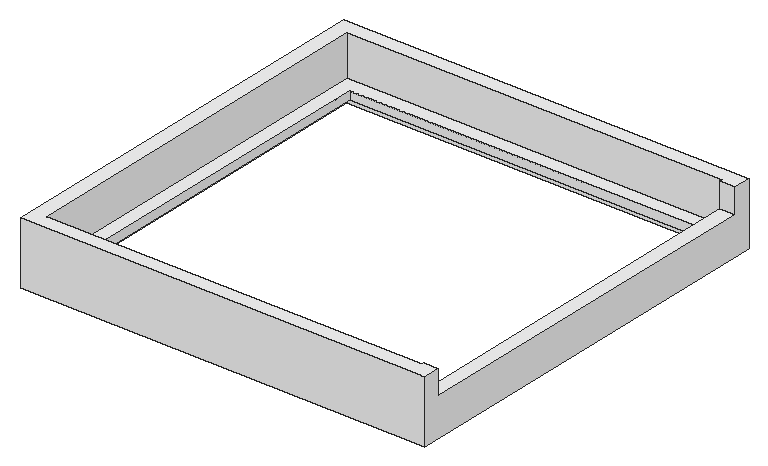
Revit family "Gira_0282005", category Electrical Fixtures, host Face, Revit 2017
Family settings
  Host = Face
  Maintain Annotation Orientation = No
  Round Connector Dimension = Use Diameter
  Part Type = Normal
  Cut with Voids When Loaded = No
  Shared = No
  Room Calculation Point = No
Parameters (values of type "Adapterrahmen quadr. 50 x 50 mm System 55 Schwarz m")
  URL = "http://katalog.gira.de/de_DE/datenblatt.html?artikelnr=0282005"
  Region = "DE"
  Name = "Adapterrahmen quadr. 50 x 50 mm System 55 Schwarz m"
  Mit Textfeld = "No"
  Mit Klappdeckel = "No"
  Manufacturer URL = "https://www.gira.de/"
  Keynote = "Sys55_Adapterrahmen_50x50"
  HeinzeBIM = "https://bimportal.heinze.de/bim/adapterrahmen-quadr-50-x-50-mm-system-55-schwarz-m/b24b104dc7a31ba67ba4f42db01a92c3c4d07d8c"
  HAN = "0282005"
  GTIN = "4010337036951"
  Farbe = "titan"
  Default Elevation = 1219.2 mm
  Data sheet (1) = "https://katalog.gira.de/de_DE/download.html?artikelnr=0282005"
  Category = "Übergangsadapter für Installationsschalterprogramme"
  Available = "Yes"
  Abschließbar = "No"
  Abmessungen = "quadratisch 50 mm / quadratisch 50 mm"
Reference planes
  plane 1 "Center (Front/Back)": y = 0
  plane 2: z = 0
  plane 3 "Center (Left/Right)": x = 0
  plane 4: y = 27.7
  plane 5: y = -27.7
  plane 6: x = 27.7
  plane 7: x = -27.7
  plane 8: y = -25.4
  plane 9: y = 25.4
Forms (mm)
  Extrusion 1, solid, material "White", detail levels fine
    sketch origin (0, 0, 0) x (1, 0, 0) y (0, 1, 0)
      loop
        line (-27.7, 27.7) -> (-27.7, -27.7) -> (27.7, -27.7) -> (27.7, 27.7) -> (-27.7, 27.7)
      loop
        line (-25.7, 25.7) -> (-25.7, -25.7) -> (25.7, -25.7) -> (25.7, 25.7) -> (-25.7, 25.7)
    from 0 to 8.6
  Extrusion 2, solid, material "White", detail levels fine
    sketch origin (0, 0, 0) x (1, 0, 0) y (0, 1, 0)
      loop
        line (-25.7, 25.7) -> (-25.7, -25.7) -> (25.7, -25.7) -> (25.7, 25.7) -> (-25.7, 25.7)
      loop
        line (-23.7, 23.7) -> (-23.7, -23.7) -> (23.7, -23.7) -> (23.7, 23.7) -> (-23.7, 23.7)
    from 1.9 to 3.1
  Extrusion 3, void, detail levels fine
    sketch origin (0, 0, 0) x (1, 0, 0) y (0, 1, 0)
      loop
        line (27.7, 25.4) -> (25.7, 25.4) -> (25.7, -25.4) -> (27.7, -25.4) -> (27.7, 25.4)
    from 5.2 to 10
  Extrusion 4, solid, material "White", detail levels coarse+medium
    sketch origin (0, 0, 0) x (1, 0, 0) y (0, 1, 0)
      loop
        line (-27.7, 27.7) -> (-27.7, -27.7) -> (27.7, -27.7) -> (27.7, 27.7) -> (-27.7, 27.7)
    from 0 to 8.6
Cuts and joins
  Extrusion 3 cuts Extrusion 1
  Extrusion 3 cuts Extrusion 2
Dimensions and locks
  aligned and locked: plane 2 to host face
  aligned and locked: level to host face
